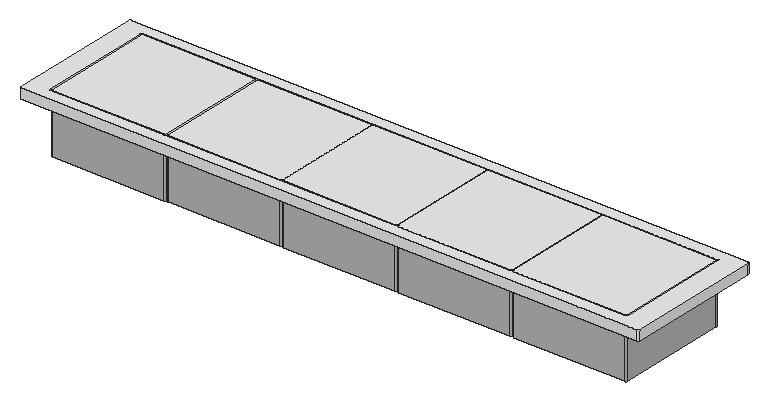
Revit family "Schneider_D-Life_5-elementos", category Electrical Fixtures, host Face, Revit 2015 (continued)
Definition of nested family "Schneider_D-Life_Tecla_Tapa_Tapa-ciega-zumbador"
  Text (mm)
    text "A3D CONSULTING INTEGRATED BIM SOLUTIONS, S.L.\n\nCONTRATO DE LICENCIA DE USUARIO FINAL\n\n\n\n\n\nAVISO A LOS USUARIOS: LEA ATENTAMENTE EL SIGUIENTE CONTRATO ANTES DE CONTINUAR. EL USO DEL CONTENIDO BIM EN FORMATO REVIT QUE SE ACOMPAÑA DEL PRESENTE ACUERDO (\"CONTENIDO BIM A3D CONSULTING\") CONSTITUYE SU ACEPTACIÓN DE ESTOS TÉRMINOS. SI USTED NO ESTÁ DE ACUERDO CON LAS CONDICIONES DE ESTE ACUERDO NO ABRA, ACCEDA DIRECTA O INDIRECTAMENTE, MODIFIQUE,  COPIE NI USE EL CONTENIDO BIM A3D CONSULTING, NI TOTAL NI PARCIALMENTE. EL USO DEL CONTENIDO BIM A3D CONSULTING POR PARTE DEL USUARIO ESTÁ CONDICIONADO AL CUMPLIMIENTO POR EL MISMO DE LOS TÉRMINOS DE ESTE ACUERDO.\n\n\n\n1.\tDEFINICIONES\n\nEste contrato de licencia de usuario final para el Contenido BIM A3D Consulting (“CLUF”) constituye un acuerdo legal entre usted como usuario final (ya sea persona física o entidad legalmente reconocida) (el \"Titular de la licencia\") y A3D CONSULTING INTEGRATED BIM SOLUTIONS, S.L. para el Contenido BIM A3D Consulting que acompaña a este CLUF. El Contenido BIM A3D CONSULTING consiste en uno o varios archivos en formato Autodesk Revit, pudiendo incluir elementos y medios asociados, así como la documentación \"en línea\" o electrónica (\"Contenido BIM A3D Consulting \").\n\n\n\n2.\tCONCESIÓN DE LA LICENCIA\n\nA3D CONSULTING INTEGRATED BIM SOLUTIONS, S.L. le concede una licencia para utilizar y modificar el contenido BIM incluido en una copia de Contenido BIM A3D Consulting.  El \"Titular de la licencia \" designa a la empresa, entidad o persona física, cuyos fondos son utilizados para pagar la cuota de licencia. \"Uso\" designa la copia, el almacenaje, la carga, la instalación o la muestra del Contenido BIM A3D Consulting. En virtud del presente, el Titular de la licencia no puede alquilar, arrendar, ceder, prestar, vender ni sublicenciar el Contenido BIM A3D Consulting a otra persona física, empresa o entidad.\n\n\n\n3.\tPROPIEDAD\n\nA3D CONSULTING INTEGRATED BIM SOLUTIONS, S.L. es el propietario y el titular del copyright del Contenido BIM A3D Consulting. La licencia adquirida no confiere al Titular de la licencia ningún título o propiedad sobre el contenido y no debe interpretarse como una venta de ningún derecho.\n\n\n\n4.\tCOPYRIGHT\n\nEl Contenido BIM A3D Consulting está protegido por las leyes españolas del copyright, las disposiciones de los tratados internacionales y otras leyes aplicables. En virtud del presente, el Titular de la licencia reconoce que no se le transfiere ningún título de la propiedad intelectual de A3D CONSULTING INTEGRATED BIM SOLUTIONS, S.L.. Además, el Titular de la licencia reconoce que el título y todos los derechos de autor sobre el Contenido BIM A3D Consulting seguirán siendo propiedad exclusiva de A3D CONSULTING INTEGRATED BIM SOLUTIONS, S.L. y no adquirirá ningún derecho sobre el Contenido BIM A3D Consulting, a excepción de lo expresamente establecido en esta licencia.\n\n\n\n5.\tRESPONSABILIDAD\n\nEn virtud del presente, el Titular de la licencia acepta que defenderá, indemnizará y eximirá a A3D CONSULTING INTEGRATED BIM SOLUTIONS, S.L. de cualesquiera reclamaciones o responsabilidades derivadas del uso, uso indebido, distribución o ejecución del Contenido BIM A3D Consulting de A3D CONSULTING INTEGRATED BIM SOLUTIONS, S.L., incluyendo las reclamaciones presentadas en contra del Titular de la licencia por el uso de dicho  contenido. Asimismo, el Titular de la licencia acepta eximir de toda responsabilidad y proteger a A3D CONSULTING INTEGRATED BIM SOLUTIONS, S.L. frente a cualquier tipo de demandas civiles, legales o penales. Las cantidades derivadas de dichos procesos, incluyendo resoluciones y costas judiciales, correrán a cargo del Titular de la licencia.\n\n\n\n6.\tGARANTÍA\n\nDurante un periodo de 30 días, a contar a partir de la fecha de entrega del producto, A3D CONSULTING INTEGRATED BIM SOLUTIONS, S.L. garantiza que dicho producto está libre de defectos en los materiales y la mano de obra. En caso de incumplimiento de esta garantía, el Titular de la licencia recibirá como  única compensación el reemplazo del producto. El Contenido BIM A3D Consulting y cualquier documentación relacionada se proporcionan \"tal cual\", sin garantía de ningún tipo, ya sea expresa o implícita, incluyendo, a título enunciativo pero no limitativo, las garantías implícitas o comerciabilidad, la idoneidad para un propósito particular o la inexistencia de infracción. Cualquier riesgo derivado del uso o los resultados del Contenido BIM A3D Consulting correrá a cargo del licenciatario.\n\n\n\n7.\tLEGISLACIÓN APLICABLE\n\nTodos los aspectos del presente Contrato se regirán e interpretarán de conformidad con la legislación vigente en España.\n\n\n\n8.\tENMIENDAS\n\nA3D CONSULTING INTEGRATED BIM SOLUTIONS, S.L. se reserva el derecho de modificar este acuerdo en cualquier momento.\n\n\n\n9.\tAPLICABILIDAD\n\nEn caso de que alguna de las disposiciones de este acuerdo fuera nula o inaplicable, las partes acuerdan que dicha invalidez no afectará a la validez de las disposiciones restantes de este acuerdo.\n\n\n\n- FIN DEL CONTRATO DE LICENCIA DE USUARIO FINAL -\n\nBarcelona / España, 15.02.2015\n\nA3D CONSULTING INTEGRATED BIM SOLUTIONS, S.L." at (2.016, -2, 0), in view "CLUF"
  Dimensions and locks
    plane 4 "Superior" to level = 200 mm
    locked: curve 1 to curve 2 (angle 90.00°)
    "Ángulo.Control": angle curve 2 to plane 3 "Centro (Izquierda/Derecha)"
    aligned and locked: level to plane 2
    aligned and locked: plane 1 "Centro (Frontal/Posterior)" to curve 2
    aligned and locked: plane 3 "Centro (Izquierda/Derecha)" to curve 2
    aligned and locked: nested 1 to curve 1
    aligned and locked: nested 1 to curve 2
  Nested families
    nested 1: "Schneider_D-Life_Cuerpo-tecla_Tecla-simple_M02" at (0, 0, 0), Material <- "Material", Anchura <- "Anchura", Espesor <- "Espesor", Longitud <- "Longitud", Cuerpo.Redondeo <- "Cuerpo.Redondeo", Juntas.Desfase <- "Juntas.Desfase", type "Estándar"
      with Material none, Longitud 70.3 mm, Juntas.Desfase 0.5 mm, Espesor 5 mm, Cuerpo.Redondeo 1 mm, Anchura 70 mm
  Definition of nested family "Schneider_D-Life_Cuerpo-tecla_Tecla-simple_M02"
    Parameters (values of type "Estándar")
      Revisado por = "000"  # constant formula
      Modificado por = "000"  # constant formula
      Modelado por = "034"  # constant formula
      Juntas.Desfase [instance] = 0.5 mm
      Default Elevation = 1219.2 mm
      Cuerpo.Redondeo [instance] = 1 mm
      Anchura [instance] = 70 mm
      Espesor [instance] = 5 mm
      Versión = "L2.00"  # constant formula
      Material [instance] = none
      Longitud [instance] = 70.3 mm
      Autor.URL = "www.a3d.es"
      Autor = "A3D Consulting"  # constant formula
    Reference planes
      plane 1 "Centro (Frontal/Posterior)": y = 0
      plane 2: z = 0
      plane 3 "Centro (Izquierda/Derecha)": x = 0
      plane 4 "Izquierda": x = -35.15
      plane 5 "Derecha": x = 35.15
      plane 6 "Posterior": y = 35
      plane 7 "Frontal": y = -35
      plane 8 "Tecla.Izquierda": x = -34.65
      plane 9 "Tecla.Derecha": x = 34.65
      plane 10 "Tecla.Frontal": y = -34.5
      plane 11 "Tecla.Posterior": y = 34.5
      plane 12 "Tapa.Superior": z = 5
    Forms (mm)
      Sweep 1, solid, material <- "Material"
        path origin (0, 0, 0) x (1, 0, 0) y (0, 1, 0)
          loop
            line (-34.65, 0) -> (34.65, 0)
        profile origin (0, 0, 0) x (0, 1, 0) y (0, 0, 1)
          loop
            line (-34.5, 0) -> (34.5, 0) -> (34.5, 5) -> (-34.5, 5) -> (-34.5, 0)
      Sweep 2, void
        path origin (0, 34.5, 0) x (-1, 0, 0) y (0, 0, 1)
          loop
            line (34.65, 5) -> (34.65, 0)
        profile origin (-34.65, 34.5, 2.5) x (0, 1, 0) y (-1, 0, 0)
          loop
            line (0, 0) -> (-1, 0)
            arc (-1, 0) -> (-0.293, -0.293) -> (0, -1) r 1
            line (0, -1) -> (0, 0)
      Sweep 3, void
        path origin (38.686, 34.5, 0) x (-1, 0, 0) y (0, 0, 1)
          loop
            line (4.036, 5) -> (4.036, 0)
        profile origin (34.65, 34.5, 2.5) x (0, 1, 0) y (-1, 0, 0)
          loop
            line (0, 0) -> (0, 1)
            arc (0, 1) -> (-0.293, 0.293) -> (-1, 0) r 1
            line (-1, 0) -> (0, 0)
      Sweep 4, void
        path origin (0, -34.5, 0) x (-1, 0, 0) y (0, 0, 1)
          loop
            line (34.65, 5) -> (34.65, 0)
        profile origin (-34.65, -34.5, 2.5) x (0, 1, 0) y (-1, 0, 0)
          loop
            line (0, 0) -> (0, -1)
            arc (0, -1) -> (0.293, -0.293) -> (1, 0) r 1
            line (1, 0) -> (0, 0)
      Sweep 5, void
        path origin (0, -34.5, 0) x (-1, 0, 0) y (0, 0, 1)
          loop
            line (-34.65, 5) -> (-34.65, 0)
        profile origin (34.65, -34.5, 2.5) x (0, 1, 0) y (-1, 0, 0)
          loop
            line (0, 0) -> (1, 0)
            arc (1, 0) -> (0.293, 0.293) -> (0, 1) r 1
            line (0, 1) -> (0, 0)
    Cuts and joins
      Sweep 2, Sweep 3, Sweep 4, Sweep 5 cuts Sweep 1
    Text (mm)
      text "A3D CONSULTING INTEGRATED BIM SOLUTIONS, S.L.\n\nCONTRATO DE LICENCIA DE USUARIO FINAL\n\n\n\n\n\nAVISO A LOS USUARIOS: LEA ATENTAMENTE EL SIGUIENTE CONTRATO ANTES DE CONTINUAR. EL USO DEL CONTENIDO BIM EN FORMATO REVIT QUE SE ACOMPAÑA DEL PRESENTE ACUERDO (\"CONTENIDO BIM A3D CONSULTING\") CONSTITUYE SU ACEPTACIÓN DE ESTOS TÉRMINOS. SI USTED NO ESTÁ DE ACUERDO CON LAS CONDICIONES DE ESTE ACUERDO NO ABRA, ACCEDA DIRECTA O INDIRECTAMENTE, MODIFIQUE,  COPIE NI USE EL CONTENIDO BIM A3D CONSULTING, NI TOTAL NI PARCIALMENTE. EL USO DEL CONTENIDO BIM A3D CONSULTING POR PARTE DEL USUARIO ESTÁ CONDICIONADO AL CUMPLIMIENTO POR EL MISMO DE LOS TÉRMINOS DE ESTE ACUERDO.\n\n\n\n1.\tDEFINICIONES\n\nEste contrato de licencia de usuario final para el Contenido BIM A3D Consulting (“CLUF”) constituye un acuerdo legal entre usted como usuario final (ya sea persona física o entidad legalmente reconocida) (el \"Titular de la licencia\") y A3D CONSULTING INTEGRATED BIM SOLUTIONS, S.L. para el Contenido BIM A3D Consulting que acompaña a este CLUF. El Contenido BIM A3D CONSULTING consiste en uno o varios archivos en formato Autodesk Revit, pudiendo incluir elementos y medios asociados, así como la documentación \"en línea\" o electrónica (\"Contenido BIM A3D Consulting \").\n\n\n\n2.\tCONCESIÓN DE LA LICENCIA\n\nA3D CONSULTING INTEGRATED BIM SOLUTIONS, S.L. le concede una licencia para utilizar y modificar el contenido BIM incluido en una copia de Contenido BIM A3D Consulting.  El \"Titular de la licencia \" designa a la empresa, entidad o persona física, cuyos fondos son utilizados para pagar la cuota de licencia. \"Uso\" designa la copia, el almacenaje, la carga, la instalación o la muestra del Contenido BIM A3D Consulting. En virtud del presente, el Titular de la licencia no puede alquilar, arrendar, ceder, prestar, vender ni sublicenciar el Contenido BIM A3D Consulting a otra persona física, empresa o entidad.\n\n\n\n3.\tPROPIEDAD\n\nA3D CONSULTING INTEGRATED BIM SOLUTIONS, S.L. es el propietario y el titular del copyright del Contenido BIM A3D Consulting. La licencia adquirida no confiere al Titular de la licencia ningún título o propiedad sobre el contenido y no debe interpretarse como una venta de ningún derecho.\n\n\n\n4.\tCOPYRIGHT\n\nEl Contenido BIM A3D Consulting está protegido por las leyes españolas del copyright, las disposiciones de los tratados internacionales y otras leyes aplicables. En virtud del presente, el Titular de la licencia reconoce que no se le transfiere ningún título de la propiedad intelectual de A3D CONSULTING INTEGRATED BIM SOLUTIONS, S.L.. Además, el Titular de la licencia reconoce que el título y todos los derechos de autor sobre el Contenido BIM A3D Consulting seguirán siendo propiedad exclusiva de A3D CONSULTING INTEGRATED BIM SOLUTIONS, S.L. y no adquirirá ningún derecho sobre el Contenido BIM A3D Consulting, a excepción de lo expresamente establecido en esta licencia.\n\n\n\n5.\tRESPONSABILIDAD\n\nEn virtud del presente, el Titular de la licencia acepta que defenderá, indemnizará y eximirá a A3D CONSULTING INTEGRATED BIM SOLUTIONS, S.L. de cualesquiera reclamaciones o responsabilidades derivadas del uso, uso indebido, distribución o ejecución del Contenido BIM A3D Consulting de A3D CONSULTING INTEGRATED BIM SOLUTIONS, S.L., incluyendo las reclamaciones presentadas en contra del Titular de la licencia por el uso de dicho  contenido. Asimismo, el Titular de la licencia acepta eximir de toda responsabilidad y proteger a A3D CONSULTING INTEGRATED BIM SOLUTIONS, S.L. frente a cualquier tipo de demandas civiles, legales o penales. Las cantidades derivadas de dichos procesos, incluyendo resoluciones y costas judiciales, correrán a cargo del Titular de la licencia.\n\n\n\n6.\tGARANTÍA\n\nDurante un periodo de 30 días, a contar a partir de la fecha de entrega del producto, A3D CONSULTING INTEGRATED BIM SOLUTIONS, S.L. garantiza que dicho producto está libre de defectos en los materiales y la mano de obra. En caso de incumplimiento de esta garantía, el Titular de la licencia recibirá como  única compensación el reemplazo del producto. El Contenido BIM A3D Consulting y cualquier documentación relacionada se proporcionan \"tal cual\", sin garantía de ningún tipo, ya sea expresa o implícita, incluyendo, a título enunciativo pero no limitativo, las garantías implícitas o comerciabilidad, la idoneidad para un propósito particular o la inexistencia de infracción. Cualquier riesgo derivado del uso o los resultados del Contenido BIM A3D Consulting correrá a cargo del licenciatario.\n\n\n\n7.\tLEGISLACIÓN APLICABLE\n\nTodos los aspectos del presente Contrato se regirán e interpretarán de conformidad con la legislación vigente en España.\n\n\n\n8.\tENMIENDAS\n\nA3D CONSULTING INTEGRATED BIM SOLUTIONS, S.L. se reserva el derecho de modificar este acuerdo en cualquier momento.\n\n\n\n9.\tAPLICABILIDAD\n\nEn caso de que alguna de las disposiciones de este acuerdo fuera nula o inaplicable, las partes acuerdan que dicha invalidez no afectará a la validez de las disposiciones restantes de este acuerdo.\n\n\n\n- FIN DEL CONTRATO DE LICENCIA DE USUARIO FINAL -\n\nBarcelona / España, 15.02.2015\n\nA3D CONSULTING INTEGRATED BIM SOLUTIONS, S.L." at (2.016, -2, 0), in view "CLUF"
    Dimensions and locks
      equal spacing: plane 4 "Izquierda", plane 3 "Centro (Izquierda/Derecha)", plane 5 "Derecha"
      "Longitud": plane 4 "Izquierda" to plane 5 "Derecha"
      equal spacing: plane 7 "Frontal", plane 1 "Centro (Frontal/Posterior)", plane 6 "Posterior"
      "Anchura": plane 7 "Frontal" to plane 6 "Posterior"
      "Juntas.Desfase": plane 7 "Frontal" to plane 10 "Tecla.Frontal"
      "Juntas.Desfase": plane 6 "Posterior" to plane 11 "Tecla.Posterior"
      "Juntas.Desfase": plane 4 "Izquierda" to plane 8 "Tecla.Izquierda"
      "Juntas.Desfase": plane 9 "Tecla.Derecha" to plane 5 "Derecha"
      "Espesor": plane 12 "Tapa.Superior" to plane 2
      "Cuerpo.Redondeo": plane 8 "Tecla.Izquierda" to Sweep 2 sketch curve
      "Cuerpo.Redondeo": plane 11 "Tecla.Posterior" to Sweep 2 sketch curve
      "Cuerpo.Redondeo": Sweep 3 sketch curve to plane 9 "Tecla.Derecha"
      "Cuerpo.Redondeo": plane 11 "Tecla.Posterior" to Sweep 3 sketch curve
      "Cuerpo.Redondeo": plane 8 "Tecla.Izquierda" to Sweep 4 sketch curve
      "Cuerpo.Redondeo": Sweep 4 sketch curve to plane 10 "Tecla.Frontal"
      "Cuerpo.Redondeo": Sweep 5 sketch curve to plane 10 "Tecla.Frontal"
      "Cuerpo.Redondeo": Sweep 5 sketch curve to plane 9 "Tecla.Derecha"
      "Cuerpo.Redondeo": radius of Sweep 2 sketch curve
      "Cuerpo.Redondeo": radius of Sweep 3 sketch curve
      "Cuerpo.Redondeo": radius of Sweep 4 sketch curve
      "Cuerpo.Redondeo": radius of Sweep 5 sketch curve
      aligned and locked: level to plane 2
      aligned and locked: plane 9 "Tecla.Derecha" to Sweep 1 sketch curve
      aligned and locked: plane 1 "Centro (Frontal/Posterior)" to Sweep 1 sketch curve
      aligned and locked: plane 2 to Sweep 1 sketch curve
      aligned and locked: Sweep 1 sketch curve to plane 11 "Tecla.Posterior"
      aligned and locked: plane 10 "Tecla.Frontal" to Sweep 1 sketch curve
      aligned and locked: plane 12 "Tapa.Superior" to Sweep 1 sketch curve
      aligned and locked: plane 2 to Sweep 2 sketch curve
      aligned and locked: Sweep 2 sketch curve to plane 8 "Tecla.Izquierda"
      aligned and locked: plane 8 "Tecla.Izquierda" to Sweep 2 sketch curve
      aligned and locked: Sweep 2 sketch curve to plane 11 "Tecla.Posterior"
      aligned and locked: Sweep 3 sketch curve to plane 9 "Tecla.Derecha"
      aligned and locked: plane 2 to Sweep 3 sketch curve
      aligned and locked: plane 11 "Tecla.Posterior" to Sweep 3 sketch curve
      aligned and locked: plane 9 "Tecla.Derecha" to Sweep 3 sketch curve
      aligned and locked: plane 2 to Sweep 4 sketch curve
      aligned and locked: Sweep 4 sketch curve to plane 8 "Tecla.Izquierda"  (x2)
      aligned and locked: plane 2 to Sweep 5 sketch curve
      aligned and locked: Sweep 5 sketch curve to plane 9 "Tecla.Derecha"  (x2)
      aligned and locked: Sweep 4 sketch curve to plane 10 "Tecla.Frontal"
      aligned and locked: plane 10 "Tecla.Frontal" to Sweep 5 sketch curve
      aligned and locked: plane 8 "Tecla.Izquierda" to Sweep 1 sketch curve
      aligned and locked: Sweep 1 sketch curve to plane 12 "Tapa.Superior"
      aligned and locked: plane 12 "Tapa.Superior" to Sweep 5 sketch curve
      aligned and locked: plane 12 "Tapa.Superior" to Sweep 3 sketch curve
      aligned and locked: plane 12 "Tapa.Superior" to Sweep 4 sketch curve
      aligned and locked: plane 12 "Tapa.Superior" to Sweep 2 sketch curve
